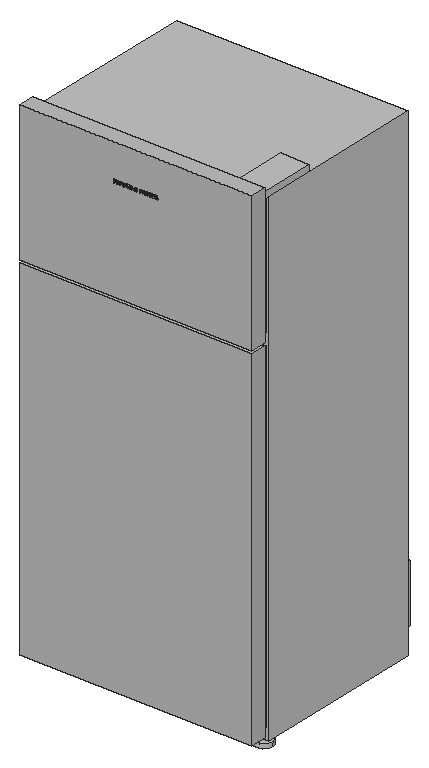
Revit family "FP_Revit_18_RF521TR_Fridges_90001133A", category Specialty Equipment, Revit 2018
Family settings
  Round Connector Dimension = Use Diameter
  Part Type = Normal
  OmniClass Number = 23.40.40.11.11.17
  OmniClass Title = Refrigerator-Freezer
  Work Plane-Based = No
  Always vertical = Yes
  Cut with Voids When Loaded = Yes
  Shared = No
  Room Calculation Point = No
Parameters (values of type "RF521TRZX6")
  Visibility - Clearance Required = yes
  URL = "www.fisherpaykel.com"
  Product - Width = 790 mm  # constant formula
  Product - Height = 1720 mm  # constant formula
  Product - Depth = 695 mm  # constant formula
  Model = "RF521TRZX6"
  Material - Door Structure = Fisher & Paykel - White
  Material - Door Front = Fisher & Paykel - Stainless Steel
  Material - Body = Fisher & Paykel - Grey
  Manufacturer = "Fisher & Paykel Appliances"
  Description = "79cm Freestanding Refrigerator with Bottom Freezer (Stainless)"
  Connector Description - Electrical = "230 V, 10 A, fused electrical supply"
  Chassis - Width = 790 mm  # constant formula
  Chassis - Height = 1662 mm  # constant formula
  Chassis - Depth = 625 mm  # constant formula
  Cavity - Width = 830 mm  # constant formula
  Cavity - Height = 1735 mm  # constant formula
  Cavity - Depth = 625 mm  # constant formula
Types (5, lengths in mm): name | Model | Material - Door Front | Description | Connector Description - Electrical
  (no name) | "RF521TRZX6" | Fisher & Paykel - Stainless Steel | "79cm Freestanding Refrigerator with Bottom Freezer (Stainless)" | "230 V, 10 A, fused electrical supply"
  RF521TRPX6 | "RF521TRPX6" | Fisher & Paykel - Stainless Steel | "79cm Freestanding Refrigerator with Bottom Freezer (Stainless)" | "230 V, 10 A, fused electrical supply"
  RF521TRZX6 | "RF521TRZX6" | Fisher & Paykel - Stainless Steel | "79cm Freestanding Refrigerator with Bottom Freezer (Stainless)" | "230 V, 10 A, fused electrical supply"
  RF521TRZW6 | "RF521TRZW6" | Fisher & Paykel - White | "79cm Freestanding Refrigerator with Bottom Freezer (White)" | "230 V, 10 A, fused electrical supply"
  RF521TRPW6 | "RF521TRPW6" | Fisher & Paykel - White | "79cm Freestanding Refrigerator with Bottom Freezer (White)" | "120 V, 10 A, fused electrical supply"
Reference planes
  plane 1 "Datum": y = 0
  plane 2: z = 0
  plane 3 "Center (Left/Right)": x = 0
  plane 4 "Product LHS": x = -395
  plane 5 "Product RHS": x = 395
  plane 6 "Product - Depth": y = 625
  plane 7 "Cavity LHS": x = -415
  plane 8 "Cavity RHS": x = 415
  plane 9 "Cavity - Depth": y = 625
  plane 10 "Handle Offset": x = 298
  plane 11 "Product Height": z = 1720
  plane 12 "Cavity Height": z = 1735
  plane 13 "Door Panel Front": y = -70
Forms (mm)
  Extrusion 1, solid, material "Fisher & Paykel - Grey" <- "Material - Body"
    sketch origin (0, 0, 0) x (0, 1, 0) y (0, 0, 1)
      loop
        line (0, 24) -> (595, 24) -> (595, 1686) -> (0, 1686) -> (0, 24)
    from -395 to 395
  Extrusion 2, solid, material "Fisher & Paykel - Grey" <- "Material - Body"
    sketch origin (0, 0, 0) x (1, 0, 0) y (0, 1, 0)
      loop
        circle (-365, 18.6) r 4.9
      loop
        circle (365, 18.6) r 4.9
    from 14 to 24
  Extrusion 3, solid, material "Fisher & Paykel - Grey" <- "Material - Body"
    sketch origin (0, 0, 0) x (1, 0, 0) y (0, 1, 0)
      loop
        circle (-365, 18.6) r 30
      loop
        circle (365, 18.6) r 30
    from 0 to 14
  Extrusion 4, solid, material "Fisher & Paykel - Grey" <- "Material - Body"
    sketch origin (0, 0, 0) x (1, 0, 0) y (0, 0, 1)
      loop
        circle (355.042, 69) r 5
    from -615 to -595
  Extrusion 5, solid, material "Fisher & Paykel - White" <- "Material - Door Structure"
    sketch origin (0, 0, 0) x (1, 0, 0) y (0, 1, 0)
      loop
        line (-387, 0) -> (-387, -15) -> (387, -15) -> (387, 0) -> (-387, 0)
    from 1269 to 1680
  Extrusion 6, solid, material "Fisher & Paykel - Stainless Steel" <- "Material - Door Front"
    sketch origin (0, 0, 0) x (1, 0, 0) y (0, 1, 0)
      loop
        line (-395, -15) -> (-395, -70) -> (395, -70) -> (395, -15) -> (-395, -15)
    from 1247 to 1720
  Extrusion 7, solid, material "Fisher & Paykel - Grey" <- "Material - Body", detail levels fine
    sketch origin (0, 0, -4) x (0, 1, 0) y (0, 0, 1)
      loop
        arc (62.091, 28) -> (87.5, 4) -> (112.909, 28) r 25.45
        line (112.909, 28) -> (62.091, 28)
      loop
        arc (503.639, 28) -> (529.047, 4) -> (554.456, 28) r 25.45
        line (554.456, 28) -> (503.639, 28)
    from 325.45 to 342.5
  Extrusion 8, solid, material "Fisher & Paykel - Clearance Required", visible <- "Visibility - Clearance Required", detail levels coarse
    sketch origin (0, 0, 0) x (1, 0, 0) y (0, 1, 0)
      loop
        line (-415, 625) -> (-415, -70) -> (530, -70) -> (530, 0) -> (415, 0) -> (415, 625) -> (-415, 625)
    from 0 to 1735
  Extrusion 9, void
    sketch origin (0, 0, 0) x (1, 0, 0) y (0, 1, 0)
      loop
        line (-415, 625) -> (-415, -70) -> (530, -70) -> (530, 0) -> (415, 0) -> (415, 625) -> (-415, 625)
    from 0 to 1735
  Extrusion 10, solid, material "Fisher & Paykel - Stainless Steel" <- "Material - Door Front"
    sketch origin (0, 0, 0) x (1, 0, 0) y (0, 1, 0)
      loop
        line (-395, -15) -> (-395, -70) -> (395, -70) -> (395, -15) -> (-395, -15)
    from 40 to 1237
  Extrusion 11, solid, material "Fisher & Paykel - White" <- "Material - Door Structure"
    sketch origin (0, 0, 0) x (1, 0, 0) y (0, 1, 0)
      loop
        line (-387, 0) -> (-387, -15) -> (387, -15) -> (387, 0) -> (-387, 0)
    from 62 to 1229
  Extrusion 12, solid, material "Fisher & Paykel - Grey" <- "Material - Body"
    sketch origin (229.237, 0, 0) x (0, 1, 0) y (0, 0, 1)
      loop
        line (595, 324) -> (595, 94) -> (625, 94) -> (625, 294) -> (595, 324)
    from -604.237 to 145.763
  Extrusion 13, solid, material "Fisher & Paykel - Grey" <- "Material - Body"
    sketch origin (0, 0, 0) x (0, 1, 0) y (0, 0, 1)
      loop
        line (595, 94) -> (595, 24) -> (625, 24) -> (625, 94) -> (595, 94)
    from -375 to 345
  Extrusion 14, solid, material "Fisher & Paykel - Grey" <- "Material - Body", detail levels fine
    sketch origin (0, 0, -4) x (0, 1, 0) y (0, 0, -1)
      loop
        line (62.091, -28) -> (112.909, -28)
        arc (112.909, -28) -> (87.5, -4) -> (62.091, -28) r 25.45
      loop
        line (503.639, -28) -> (554.456, -28)
        arc (554.456, -28) -> (529.047, -4) -> (503.639, -28) r 25.45
    from 325.45 to 342.5
  Extrusion 15, solid, material "Fisher & Paykel - Grey" <- "Material - Body"
    sketch origin (0, 0, 0) x (1, 0, 0) y (0, 1, 0)
      loop
        line (296.4, 174) -> (296.4, -15) -> (393.4, -15) -> (393.4, 174) -> (296.4, 174)
    from 1686 to 1708
  Extrusion 16, solid, material "Fisher & Paykel - Clearance Required", visible <- "Visibility - Clearance Required", detail levels coarse
    sketch origin (0, 0, 0) x (1, 0, 0) y (0, 1, 0)
      loop
        arc (-395, -70) -> (135.432, -761.124) -> (975.827, -531.456) r 781.226
        line (975.827, -531.456) -> (460.698, -70) -> (-395, -70)
    from 0 to 1735
  Extrusion 17, void
    sketch origin (0, 0, 0) x (1, 0, 0) y (0, 0, 1)
      loop
        line (-395, 1521.451) -> (-395, 1281.726)
        arc (-395, 1281.726) -> (-376.652, 1301.604) -> (-370, 1327.823) r 54.999
        line (-370, 1327.823) -> (-370, 1475.354)
        arc (-370, 1475.354) -> (-376.652, 1501.574) -> (-395, 1521.451) r 55
      loop
        line (-395, 1181.725) -> (-395, 797.001)
        arc (-395, 797.001) -> (-376.652, 816.878) -> (-370, 843.098) r 54.999
        line (-370, 843.098) -> (-370, 1135.628)
        arc (-370, 1135.628) -> (-376.652, 1161.848) -> (-395, 1181.725) r 55
    from 29 to 56
Cuts and joins
  joined: Extrusion 12, Extrusion 13
  Extrusion 17 cuts Extrusion 1
  Extrusion 17 cuts Extrusion 5
  Extrusion 17 cuts Extrusion 6
  Extrusion 17 cuts Extrusion 10
  Extrusion 17 cuts Extrusion 11
  Extrusion 17 cuts Extrusion 16
Text (mm)
  text "Due to ongoing product development, product details are subject to change without notice. \nPlease always refer to www.fisherpaykel.com for the most current product information. \n© Fisher & Paykel 2020" at (41.04, -848.295, 0), in view "Ref. Level (Plan)"
Dimensions and locks
  equal spacing: plane 4 "Product LHS", plane 3 "Center (Left/Right)", plane 5 "Product RHS"
  "Product - Width": plane 4 "Product LHS" to plane 5 "Product RHS"
  "Chassis - Depth": plane 1 "Datum" to plane 6 "Product - Depth"
  equal spacing: plane 7 "Cavity LHS", plane 3 "Center (Left/Right)", plane 8 "Cavity RHS"
  "Cavity - Width": plane 7 "Cavity LHS" to plane 8 "Cavity RHS"
  "Cavity - Depth": plane 9 "Cavity - Depth" to plane 1 "Datum"
  Extrusion 4 sketch curve to plane 5 "Product RHS" = 39.958 mm
  "Product - Height": level to plane 11 "Product Height"
  Extrusion 1 sketch curve to plane 11 "Product Height" = 34 mm
  "Cavity - Height": plane 12 "Cavity Height" to level
  "Product - Depth": plane 6 "Product - Depth" to cut or joined group of Extrusion 16, Extrusion 17
  "Chassis - Width": cut or joined group of Extrusion 1, Extrusion 17 to cut or joined group of Extrusion 1, Extrusion 17
  "Chassis - Height": cut or joined group of Extrusion 1, Extrusion 17 to cut or joined group of Extrusion 1, Extrusion 17
  plane 11 "Product Height" to nested 1 = 124 mm
  radius of Extrusion 4 sketch curve = 5 mm
  aligned and locked: level to plane 2
  aligned and locked: Extrusion 1 to plane 5 "Product RHS"
  aligned and locked: plane 4 "Product LHS" to Extrusion 1
  aligned and locked: Extrusion 6 sketch curve to plane 4 "Product LHS"
  aligned and locked: plane 5 "Product RHS" to Extrusion 6 sketch curve
  aligned and locked: Extrusion 1 sketch curve to plane 1 "Datum"
  aligned and locked: Extrusion 13 sketch curve to plane 6 "Product - Depth"
  aligned and locked: Extrusion 4 to Extrusion 1
  aligned and locked: Extrusion 15 to Extrusion 1
  aligned and locked: Extrusion 16 sketch curve to cut or joined group of Extrusion 6, Extrusion 17
  aligned and locked: Extrusion 16 to plane 12 "Cavity Height"
  aligned and locked: plane 4 "Product LHS" to Extrusion 17 sketch curve  (x2)
  aligned and locked: Extrusion 9 to Extrusion 8
  aligned and locked: plane 6 "Product - Depth" to Extrusion 12
Automatic sketch dimensions
  Extrusion 1 sketch curve to plane 6 "Product - Depth" = 30 mm
  level to Extrusion 1 sketch curve = 24 mm
  level to Extrusion 4 sketch curve = 69 mm
  plane 1 "Datum" to Extrusion 5 sketch curve = 0 mm
  Extrusion 5 sketch curve to plane 4 "Product LHS" = 8 mm
  plane 5 "Product RHS" to Extrusion 5 sketch curve = 8 mm
  plane 1 "Datum" to Extrusion 5 sketch curve = 15 mm
  plane 1 "Datum" to Extrusion 6 sketch curve = 70 mm
  plane 1 "Datum" to Extrusion 6 sketch curve = 15 mm
  level to Extrusion 7 sketch curve = 24 mm  (x2)
  Extrusion 7 sketch curve to plane 1 "Datum" = 62.091 mm
  Extrusion 7 sketch curve to Extrusion 7 sketch curve = 25.409 mm  (x2)
  Extrusion 7 sketch curve to plane 6 "Product - Depth" = 121.361 mm
  Extrusion 7 sketch curve to Extrusion 7 sketch curve = 1.45 mm  (x2)
  Extrusion 10 sketch curve to plane 4 "Product LHS" = 0 mm
  Extrusion 10 sketch curve to plane 5 "Product RHS" = 0 mm
  plane 1 "Datum" to Extrusion 10 sketch curve = 70 mm
  plane 1 "Datum" to Extrusion 10 sketch curve = 15 mm
  plane 1 "Datum" to Extrusion 11 sketch curve = 0 mm
  Extrusion 11 sketch curve to plane 4 "Product LHS" = 8 mm
  plane 5 "Product RHS" to Extrusion 11 sketch curve = 8 mm
  plane 1 "Datum" to Extrusion 11 sketch curve = 15 mm
  Extrusion 12 sketch curve to plane 6 "Product - Depth" = 0 mm
  Extrusion 12 sketch curve to plane 6 "Product - Depth" = 30 mm
  level to Extrusion 12 sketch curve = 94 mm
  Extrusion 12 sketch curve to Extrusion 12 sketch curve = 200 mm
  Extrusion 12 sketch curve to Extrusion 12 sketch curve = 30 mm
  Extrusion 13 sketch curve to Extrusion 13 sketch curve = 30 mm
  level to Extrusion 13 sketch curve = 24 mm
  Extrusion 13 sketch curve to Extrusion 13 sketch curve = 70 mm
  level to Extrusion 14 sketch curve = 24 mm  (x2)
  Extrusion 14 sketch curve to plane 1 "Datum" = 62.091 mm
  Extrusion 14 sketch curve to Extrusion 14 sketch curve = 25.409 mm  (x2)
  Extrusion 14 sketch curve to plane 6 "Product - Depth" = 121.361 mm
  level to Extrusion 14 sketch curve = 25.45 mm
  Extrusion 14 sketch curve to Extrusion 14 sketch curve = 1.45 mm
  Extrusion 3 sketch curve to plane 4 "Product LHS" = 30 mm
  plane 5 "Product RHS" to Extrusion 3 sketch curve = 30 mm
  Extrusion 3 sketch curve to plane 1 "Datum" = 18.6 mm  (x2)
  Extrusion 2 sketch curve to plane 4 "Product LHS" = 30 mm
  plane 5 "Product RHS" to Extrusion 2 sketch curve = 30 mm
  Extrusion 2 sketch curve to plane 1 "Datum" = 18.6 mm  (x2)
  Extrusion 9 sketch curve to plane 7 "Cavity LHS" = 0 mm
  Extrusion 9 sketch curve to plane 8 "Cavity RHS" = 0 mm
  plane 1 "Datum" to Extrusion 9 sketch curve = 0 mm
  Extrusion 9 sketch curve to plane 9 "Cavity - Depth" = 0 mm
  Extrusion 9 sketch curve to Extrusion 9 sketch curve = 115 mm
  plane 1 "Datum" to Extrusion 9 sketch curve = 70 mm
  Extrusion 16 sketch curve to plane 7 "Cavity LHS" = 20 mm
  plane 5 "Product RHS" to Extrusion 16 sketch curve = 10.329 mm
  plane 1 "Datum" to Extrusion 16 sketch curve = 531.456 mm
  plane 1 "Datum" to Extrusion 16 sketch curve = 20.723 mm
  Extrusion 16 sketch curve to plane 8 "Cavity RHS" = 45.698 mm
  plane 10 "Handle Offset" to Extrusion 15 sketch curve = 1.6 mm
  plane 5 "Product RHS" to Extrusion 15 sketch curve = 1.6 mm
  plane 1 "Datum" to Extrusion 15 sketch curve = 15 mm
  Extrusion 15 sketch curve to plane 1 "Datum" = 174 mm
  plane 7 "Cavity LHS" to Extrusion 17 sketch curve = 9.999 mm  (x2)
  plane 7 "Cavity LHS" to Extrusion 17 sketch curve = 10 mm  (x2)
  Extrusion 17 sketch curve to plane 4 "Product LHS" = 25 mm  (x2)
  level to Extrusion 17 sketch curve = 797.001 mm
  Extrusion 17 sketch curve to Extrusion 17 sketch curve = 292.53 mm
  Extrusion 17 sketch curve to Extrusion 17 sketch curve = 100.001 mm
  Extrusion 17 sketch curve to Extrusion 17 sketch curve = 147.531 mm
  Extrusion 8 sketch curve to plane 6 "Product - Depth" = 0 mm
  Extrusion 8 sketch curve to plane 7 "Cavity LHS" = 0 mm
  plane 1 "Datum" to Extrusion 8 sketch curve = 0 mm
  Extrusion 8 sketch curve to plane 8 "Cavity RHS" = 0 mm
  Extrusion 8 sketch curve to plane 8 "Cavity RHS" = 115 mm
  plane 1 "Datum" to Extrusion 8 sketch curve = 70 mm
  radius of Extrusion 3 sketch curve = 30 mm  (x2)
  radius of Extrusion 2 sketch curve = 4.9 mm  (x2)
Nested families
  nested 1: "F&P Logo 150mm" at (0, -70, 1596), type "F&P Logo 150mm"
Connectors
  electrical at (355.042, 615, 69), driven by "Connector Description - Electrical"
    settings: on Extrusion 4, index 2, voltage 230 V, apparent load 0 VA, apparent load phase1 0 VA, apparent load phase2 0 VA, apparent load phase3 0 VA, power factor 1, load classification "Other", number of poles 1, system type 30, power factor state 1, is connector primary yes, connector utility no, sub classification motor no, connector description "230 V, 10 A, fused electrical supply"
Definition of nested family "F&P Logo 150mm"
  Parameters (values of type "F&P Logo 150mm")
    URL = "www.fisherpaykel.com"
    Material - Logo = none
    Manufacturer = "Fisher & Paykel Appliances"
  Reference planes
    plane 1 "Center (Front/Back)": y = 0
    plane 2: z = 0
    plane 3 "Center (Left/Right)": x = 0
  Forms (mm)
    Extrusion 1, solid, material <- "Material - Logo", detail levels fine
      sketch origin (0, 0, 0) x (1, 0, 0) y (0, 0, 1)
        loop
          line (-74.994, 0) -> (-72.633, 0) -> (-72.633, 3.207) -> (-68.944, 3.207) -> (-68.944, 5.208) -> (-72.633, 5.208) -> (-72.633, 7.068) -> (-68.62, 7.068) -> (-68.62, 9.06) -> (-74.994, 9.06) -> (-74.994, 0)
        loop
          line (-64.134, 9.06) -> (-64.134, 0) -> (-61.773, 0) -> (-61.773, 9.06) -> (-64.134, 9.06)
        loop
          line (-46.015, 9.06) -> (-46.015, 0) -> (-43.654, 0) -> (-43.654, 3.63) -> (-40.187, 3.63) -> (-40.187, 0) -> (-37.826, 0) -> (-37.826, 9.06) -> (-40.187, 9.06) -> (-40.187, 5.622) -> (-43.654, 5.622) -> (-43.654, 9.06) -> (-46.015, 9.06)
        loop
          line (-32.787, 9.06) -> (-32.787, 0) -> (-26.332, 0) -> (-26.332, 1.992) -> (-30.448, 1.992) -> (-30.448, 3.63) -> (-26.686, 3.63) -> (-26.686, 5.622) -> (-30.448, 5.622) -> (-30.448, 7.068) -> (-26.332, 7.068) -> (-26.332, 9.06) -> (-32.787, 9.06)
        loop
          line (68.572, 9.06) -> (68.572, 0) -> (75.006, 0) -> (75.006, 1.992) -> (70.933, 1.992) -> (70.933, 9.06) -> (68.572, 9.06)
        loop
          line (63.719, 9.06) -> (57.241, 9.06) -> (57.241, 0) -> (63.719, 0) -> (63.719, 1.992) -> (59.602, 1.992) -> (59.602, 3.63) -> (63.364, 3.63) -> (63.364, 5.622) -> (59.602, 5.622) -> (59.602, 7.068) -> (63.719, 7.068) -> (63.719, 9.06)
        loop
          line (50.248, 4.722) -> (53.597, 9.06) -> (50.837, 9.06) -> (47.945, 5.313) -> (47.945, 9.06) -> (45.585, 9.06) -> (45.585, 0) -> (47.945, 0) -> (47.945, 4.058) -> (50.926, 0) -> (53.716, 0) -> (50.248, 4.722)
        loop
          line (33.043, 9.06) -> (36.466, 3.63) -> (36.466, 0) -> (38.827, 0) -> (38.827, 3.511) -> (42.25, 9.06) -> (39.742, 9.06) -> (37.721, 5.561) -> (35.701, 9.06) -> (33.043, 9.06)
        loop
          line (27.79, 9.06) -> (25.547, 9.06) -> (21.858, 0) -> (24.175, 0) -> (24.824, 1.668) -> (28.454, 1.668) -> (29.103, 0) -> (31.479, 0) -> (27.79, 9.06)
        loop
          line (27.671, 3.659) -> (26.612, 6.261) -> (25.599, 3.659) -> (27.671, 3.659)
        loop
          line (12.119, 9.06) -> (12.119, 0) -> (14.48, 0) -> (14.48, 2.907) -> (15.971, 2.907)
          arc (15.971, 2.907) -> (19.048, 5.983) -> (15.971, 9.06) r 3.077
          line (15.971, 9.06) -> (12.119, 9.06)
        loop
          line (14.48, 7.068) -> (14.48, 4.796) -> (15.824, 4.796)
          arc (15.824, 4.796) -> (16.96, 5.932) -> (15.824, 7.068) r 1.136
          line (15.824, 7.068) -> (14.48, 7.068)
        loop
          line (-17.602, 9.06) -> (-21.477, 9.06) -> (-21.477, 0) -> (-19.116, 0) -> (-19.116, 2.522) -> (-18.311, 2.522) -> (-16.387, 0) -> (-13.657, 0) -> (-15.969, 2.959)
          arc (-15.969, 2.959) -> (-14.445, 6.636) -> (-17.602, 9.06) r 3.269
        loop
          line (-17.774, 7.068) -> (-19.116, 7.068) -> (-19.116, 4.579) -> (-17.774, 4.579)
          arc (-17.774, 4.579) -> (-16.529, 5.823) -> (-17.774, 7.068) r 1.244
        loop
          line (0.788, 7.068) -> (0.788, 9.229) -> (-5.291, 9.229) -> (-5.291, 7.276) -> (-4.389, 6.167)
          arc (-4.389, 6.167) -> (-5.193, 1.025) -> (0.005, 0.768) r 3.5
          line (0.005, 0.768) -> (0.63, 0) -> (3.308, 0) -> (1.362, 2.391) -> (3.12, 4.924) -> (0.694, 4.924) -> (0.053, 4) -> (-2.443, 7.068) -> (0.788, 7.068)
        loop
          arc (-3.116, 4.603) -> (-3.331, 2.502) -> (-1.23, 2.286) r 1.493
          line (-1.23, 2.286) -> (-3.116, 4.603)
        loop
          line (-52.698, 5.451) -> (-54.701, 5.866)
          arc (-54.701, 5.866) -> (-55.501, 6.665) -> (-54.701, 7.465) r 0.799
          arc (-54.701, 7.465) -> (-52.78, 7.185) -> (-51.017, 6.371) r 6.757
          line (-51.017, 6.371) -> (-51.017, 8.615)
          arc (-51.017, 8.615) -> (-53.252, 9.269) -> (-55.578, 9.164) r 7.089
          arc (-55.578, 9.164) -> (-57.732, 6.502) -> (-55.578, 3.841) r 2.721
          line (-55.578, 3.841) -> (-53.559, 3.423)
          arc (-53.559, 3.423) -> (-52.76, 2.623) -> (-53.559, 1.824) r 0.799
          arc (-53.559, 1.824) -> (-55.481, 2.103) -> (-57.244, 2.917) r 6.757
          line (-57.244, 2.917) -> (-57.244, 0.674)
          arc (-57.244, 0.674) -> (-55.009, 0.02) -> (-52.682, 0.125) r 7.089
          arc (-52.682, 0.125) -> (-50.529, 2.795) -> (-52.698, 5.451) r 2.721
      from 0 to 0.8
  Dimensions and locks
    aligned and locked: level to plane 2
